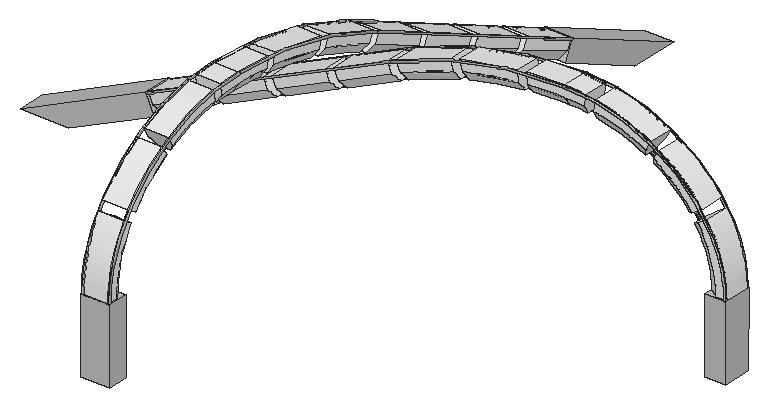
Revit family "FS_Цветочница_Дуэт_R16", category Антураж, Revit 2016
Family settings
  На основе рабочей плоскости = Нет
  Всегда вертикально = Да
  При загрузке вырезать с полостями = Нет
  Источник визуального образа = Геометрия семейства
  Общий = Нет
  Точка расчета площади = Нет
Parameters (values of type "Цветочница «Дуга Дуэт»")
  Стоимость = 868000
  Материал вазонов = FS_ПВХ
  Комментарии к типоразмеру = "Материал: стеклопластиковый композит"  # constant formula
  Изготовитель = "ООО 'Хоббика'"  # constant formula
  Высота = 0 mm  # constant formula
  URL = "https://hobbyka.ru/product/tsvetochnitsa_dugaduet/?sphrase_id=90634"
  ADSK_Размер_Ширина = 11370 mm  # constant formula
  ADSK_Размер_Длина = 11370 mm  # constant formula
  ADSK_Размер_Высота = 3400 mm  # constant formula
  ADSK_Наименование = "Цветочница «Дуга Дуэт»"
  ADSK_Материал = FS_Алюминий
  ADSK_Код изделия = "11181"  # constant formula
Reference planes
  plane 1 "По центру (Вперед/Назад)": y = 0
  plane 2: z = 0
  plane 3 "По центру (Влево/Вправо)": x = 0
Dimensions and locks
  aligned and locked: level to plane 2
Nested families
  nested 1: "FS_Цветочница_Дуга MAX_R16" at (0, 1240, 0), type "Дуга "MAX""
  nested 2: "FS_Цветочница_Дуга MAX_R16" at (-130, 0, 0) x (0, 1, 0) z (0, 0, 1), type "Дуга "MAX""
Definition of nested family "FS_Цветочница_Дуга MAX_R16"
  Parameters (values of type "Цветочница «Дуга МАХ»")
    Cost = 434000
    Description = ""
    Материал вазонов = none
    Type Comments = "Материал: стеклопластиковый композит"  # constant formula
    Manufacturer = "ООО 'Хоббика'"  # constant formula
    Height = 0 mm
    URL = "https://hobbyka.ru/product/tsvetochnitsa_dugamakh/"
    ADSK_Размер_Ширина = 460 mm  # constant formula
    ADSK_Размер_Длина = 11370 mm  # constant formula
    ADSK_Размер_Высота = 3400 mm  # constant formula
    ADSK_Наименование = "Цветочница «Дуга МАХ»"
    ADSK_Материал = none
    ADSK_Марка = "11180"  # constant formula
  Reference planes
    plane 1 "По центру (Вперед/Назад)": y = 0
    plane 2: z = 0
    plane 3 "По центру (Влево/Вправо)": x = 0
  Forms (mm)
    Extrusion 1, solid, material <- "ADSK_Материал"
      sketch origin (0, 0, 0) x (0, 1, 0) y (0, 0, 1)
        loop
          line (4219.153, 0) -> (5000, 0) -> (2969.871, 946.665) -> (2830.407, 647.583) -> (4219.153, 0)
        loop
          line (-6040, 0) -> (-6040, 1200) -> (-6370, 1200) -> (-6370, 0) -> (-6040, 0)
      from -230 to 230
    Sweep 2, solid, material <- "ADSK_Материал"
      path origin (0, 0, 0) x (0, 1, 0) y (0, 0, 1)
        loop
          line (2830.407, 647.583) -> (-1108.778, 2484.455)
          arc (-1108.778, 2484.455) -> (-2397.325, 2921.858) -> (-3750, 3070) r 6249.664
          spline (-3750, 3070) -> (-4048.905, 3054.002) -> (-4342.696, 3006.281) -> (-4626.345, 2927.655) -> (-4895, 2819.468) -> (-5144.064, 2683.571) -> (-5369.275, 2522.29) -> (-5566.779, 2338.384) -> (-5733.198, 2135) -> (-5865.684, 1915.618) -> (-5961.97, 1683.992) -> (-6020.409, 1444.084) -> (-6040, 1200)
      profile origin (0, 860.814, 1566.019) x (0, -0.422618, -0.906308) y (1, 0, 0)
        loop
          line (-5, 20) -> (-5, -20) -> (0, -20) -> (0, 20) -> (-5, 20)
        loop
          circle (-315, -215) r 15
        loop
          circle (-315, 215) r 15
    Sweep 3, solid, material <- "Материал вазонов"
      path origin (0, 0, 0) x (0, 1, 0) y (0, 0, 1)
        loop
          line (2830.407, 647.583) -> (-1108.778, 2484.455)
          arc (-1108.778, 2484.455) -> (-2397.325, 2921.858) -> (-3750, 3070) r 6249.664
          spline (-3750, 3070) -> (-4048.905, 3053.996) -> (-4342.693, 3006.276) -> (-4626.345, 2927.655) -> (-4894.997, 2819.462) -> (-5144.059, 2683.566) -> (-5369.275, 2522.29) -> (-5566.774, 2338.38) -> (-5733.192, 2134.997) -> (-5865.684, 1915.618) -> (-5961.963, 1683.99) -> (-6020.402, 1444.084) -> (-6040, 1200)
      profile origin (0, 860.814, 1566.019) x (0, -0.422618, -0.906308) y (1, 0, 0)
        loop
          line (-330, -200) -> (-150, -200) -> (-5, -100) -> (-5, 100) -> (-150, 200) -> (-330, 200) -> (-330, -200)
    Extrusion 4, void
      sketch origin (0, 0, 0) x (0, 1, 0) y (0, 0, 1)
        loop
          line (2809.276, 602.268) -> (2999.454, 1010.106) -> (2990.391, 1014.333) -> (2800.213, 606.494) -> (2809.276, 602.268)
        loop
          line (-1129.909, 2439.14) -> (-1054.347, 2403.905) -> (-864.169, 2811.743) -> (-939.73, 2846.978)
          arc (-939.73, 2846.978) -> (-969.959, 2860.982) -> (-1000.256, 2874.834) r 6649.664
          line (-1000.256, 2874.834) -> (-1190.445, 2466.973)
          arc (-1190.445, 2466.973) -> (-1160.139, 2453.138) -> (-1129.909, 2439.14) r 6199.664
        loop
          line (1939.22, 1007.981) -> (2129.398, 1415.82) -> (1992.535, 1479.64) -> (1802.357, 1071.802) -> (1939.22, 1007.981)
        loop
          line (941.364, 1473.289) -> (1131.543, 1881.128) -> (994.679, 1944.948) -> (804.501, 1537.11) -> (941.364, 1473.289)
        loop
          line (-56.492, 1938.597) -> (133.687, 2346.436) -> (-3.177, 2410.256) -> (-193.355, 2002.418) -> (-56.492, 1938.597)
        loop
          line (-2048.647, 3248.666) -> (-2164.436, 2813.817)
          arc (-2164.436, 2813.817) -> (-2092.042, 2794.197) -> (-2019.891, 2773.701) r 6199.664
          line (-2019.891, 2773.701) -> (-1904.074, 3208.653)
          arc (-1904.074, 3208.653) -> (-1976.248, 3229.067) -> (-2048.647, 3248.666) r 6649.664
        loop
          line (-3143.087, 3442.246) -> (-3184.832, 2994.186)
          arc (-3184.832, 2994.186) -> (-3110.182, 2986.896) -> (-3035.625, 2978.704) r 6199.664
          line (-3035.625, 2978.704) -> (-2993.87, 3426.871)
          arc (-2993.87, 3426.871) -> (-3068.435, 3434.979) -> (-3143.087, 3442.246) r 6649.664
        loop
          line (-4281.013, 3569.915) -> (-4186.685, 2977.022)
          arc (-4186.685, 2977.022) -> (-4112.878, 2990.412) -> (-4038.665, 3001.322) r 2240
          line (-4038.665, 3001.322) -> (-4132.968, 3594.06)
          arc (-4132.968, 3594.06) -> (-4207.15, 3582.965) -> (-4281.013, 3569.915) r 2840
        loop
          line (-5356.768, 3121.772) -> (-5048.413, 2605.301)
          arc (-5048.413, 2605.301) -> (-4986.502, 2647.796) -> (-4923.202, 2688.192) r 2240
          line (-4923.202, 2688.192) -> (-5230.798, 3203.394)
          arc (-5230.798, 3203.394) -> (-5294.322, 3163.415) -> (-5356.768, 3121.772) r 2840
        loop
          arc (-5634.669, 1990.629) -> (-5593.054, 2053.087) -> (-5549.37, 2114.117) r 2240
          line (-5549.37, 2114.117) -> (-6055.087, 2438.968)
          arc (-6055.087, 2438.968) -> (-6098.109, 2377.494) -> (-6139.491, 2314.904) r 2840
          line (-6139.491, 2314.904) -> (-5634.669, 1990.629)
      from -230 to 230
  Cuts and joins
    Extrusion 4 cuts Extrusion 1
    Extrusion 4 cuts Sweep 3
  Dimensions and locks
    aligned and locked: level to plane 2
